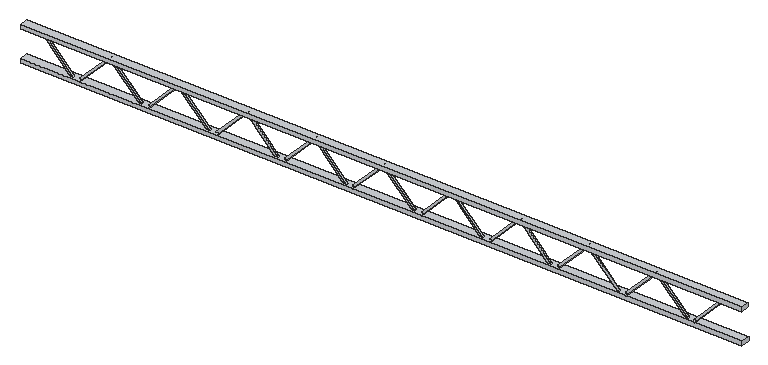
Revit family "M_TJL Caibro de teia aberta de madeira", category Quadro estrutural, Revit 2019
Family settings
  Arredondamento do comprimento do framing estrutural = 1 mm
  Forma do corte = Não definido
  Material para o comportamento do modelo = Madeira
  Exportar sempre como geometria = Sim
  Sempre na vertical = Sim
  Corte com vazios quando carregada = Não
  Representação simbólica = Da família
  Compartilhado = Não
  Exibir o pré-corte da família na vista da planta = Sim
Parameters (values of type "356mm")
  Espessura da teia = 25 mm
  Material de renderização da teia = none
  Perna da teia = 25 mm
  Material estrutural = none
  Deslocamento inicial [instance] = 0 mm
  Extensão inicial do cordão superior [instance] = 0 mm
  ComprimentoMatrizPainel [instance] = Length - (2 * Painel final)  # 7100 mm
  Linear = 356 mm
  LarguraPainel [instance] = ComprimentoMatrizPainel / NumMatrizPainel  # 710 mm
  NumMatrizPainel [instance] = ComprimentoMatrizPainel / (2 * Linear)  # 10
  Comprimento do deslocamento 2 [instance] = Painel final - Deslocamento final + Extensão final do cordão inferior  # 200 mm
  Comprimento do deslocamento 1 [instance] = Painel final - Deslocamento inicial + Extensão inicial do cordão inferior  # 200 mm
  Painel final [instance] = 200 mm
  Deslocamento final [instance] = 0 mm
  Extensão final do cordão superior [instance] = 0 mm
  Largura da corda = 90 mm
  Profundidade da corda = 40 mm
  Extensão inicial do cordão inferior [instance] = 0 mm
  Extensão final do cordão inferior [instance] = 0 mm
  Assembly Code = ""
  Length [instance] = 7500 mm
Reference planes
  plane 1 "Centro (Frente/Trás)": y = 0
  plane 2: z = 0
  plane 3 "Centro (Esquerda/Direita)": x = 525.246
  plane 4 "Membro esquerdo": x = -2324.754
  plane 5 "Membro direito": x = 3560.61
  plane 6: y = 45
  plane 7: y = -45
  plane 8: z = 178
  plane 9: z = -178
  plane 10 "Esquerda": x = -3224.754
  plane 11 "Símbolo esquerdo de verga": x = -24.754
  plane 12 "Símbolo direito de verga": x = 1220.61
  plane 13 "Direita": x = 4275.246
  plane 14: x = -3024.754
  plane 15: x = 4075.246
  plane 16: y = 12.5
  plane 17: y = -12.5
  plane 18: z = 138
  plane 19: z = -138
  plane 20: z = -171.65
  plane 21: z = 171.65
  plane 22: x = -3224.754
  plane 23: x = 4275.246
  plane 24: x = -3224.754
  plane 25: x = 4275.246
  plane 26: x = 3365.246
  plane 27: x = -3224.754
  plane 28: x = 4275.246
Forms (mm)
  Extrusion 1, solid, material <- "Material estrutural", detail levels medium+fine
    sketch origin (525.246, 0, 0) x (0, 1, 0) y (0, 0, 1)
      loop
        line (45, 178) -> (-45, 178) -> (-45, 138) -> (45, 138) -> (45, 178)
    from -3750 to 3750
  Extrusion 2, solid, material <- "Material estrutural", detail levels medium+fine
    sketch origin (525.246, 0, 0) x (0, 1, 0) y (0, 0, 1)
      loop
        line (45, -138) -> (-45, -138) -> (-45, -178) -> (45, -178) -> (45, -138)
    from -3750 to 3750
Lines and regions (mm)
  symbolic lines, style "StructuralFraming", detail levels coarse
    curve 1: line (0, 45, 178) -> (0, -45, 178)
    curve 2: line (0, -45, -178) -> (0, 45, -178)
    curve 14: line (0, 45, -178) -> (0, 45, -138)
    curve 15: line (0, -45, -178) -> (0, -45, -138)
    curve 16: line (0, -45, -138) -> (0, 45, -138)
    curve 17: line (0, 45, 138) -> (0, 45, 178)
    curve 18: line (0, -45, 138) -> (0, -45, 178)
    curve 19: line (0, -45, 138) -> (0, 45, 138)
    curve 20: line (525.246, 0, -138) -> (525.246, 0, 138)
  symbolic lines, style "StructuralFraming", detail levels medium
    curve 3: line (0, 0, -138) -> (0, 0, 138)
  reference lines
    curve 4: line (-24.754, 0, -301.508) -> (-24.754, 0, 257.692)
    curve 5: line (175.246, 0, -307.858) -> (175.246, 0, 257.692)
    curve 6: line (1220.61, 0, -248.588) -> (1220.61, 0, 259.812)
    curve 7: line (1020.61, 0, -375.588) -> (1020.61, 0, 259.812)
  model lines, style "Viga mestra da travessa", detail levels coarse
    curve 8: line (1020.61, 0, -178) -> (175.246, 0, -178)
    curve 9: line (1220.61, 0, 178) -> (-24.754, 0, 178)
  model lines, style "Caibro da teia", detail levels coarse
    curve 10: line (175.246, 0, -178) -> (-24.754, 0, 178)
    curve 11: line (1020.61, 0, -178) -> (1220.61, 0, 178)
  symbolic lines, detail levels fine
    curve 12: line (525.246, 12.5, -138) -> (525.246, 12.5, 138)
    curve 13: line (525.246, -12.5, -138) -> (525.246, -12.5, 138)
  symbolic lines, detail levels medium
    curve 21: line (525.246, 0, 138) -> (525.246, 0, -138)
Dimensions and locks
  equal spacing: plane 9, plane 2, plane 8
  "Length": plane 10 "Esquerda" to plane 13 "Direita"
  equal spacing: plane 10 "Esquerda", plane 3 "Centro (Esquerda/Direita)", plane 13 "Direita"
  "Extensão inicial do cordão superior": curve 4 to plane 11 "Símbolo esquerdo de verga"
  "Painel final": curve 5 to curve 4
  "Extensão final do cordão superior": curve 6 to plane 12 "Símbolo direito de verga"
  "Painel final": curve 6 to curve 7
  "Linear": plane 9 to plane 8
  "Painel final": plane 10 "Esquerda" to plane 14
  "Painel final": plane 13 "Direita" to plane 15
  "Espessura da teia": plane 16 to plane 17
  equal spacing: plane 16, plane 1 "Centro (Frente/Trás)", plane 17
  locked: plane 20 to plane 9 at 6.35
  locked: plane 8 to plane 21 at 6.35
  "Deslocamento inicial": plane 10 "Esquerda" to plane 24
  "Extensão inicial do cordão superior": plane 22 to plane 24
  "Deslocamento final": plane 25 to plane 13 "Direita"
  "Extensão final do cordão superior": plane 25 to plane 23
  "LarguraPainel": plane 15 to plane 26
  equal spacing: group 1, group 3, group 4, group 5, group 6, group 7, group 8, group 9, group 10, group 2  (x3)
  "Comprimento do deslocamento 1": plane 14 to plane 27
  "Comprimento do deslocamento 2": plane 28 to plane 15
  "Profundidade da corda": plane 18 to plane 8
  "Profundidade da corda": plane 9 to plane 19
  equal spacing: plane 6, plane 1 "Centro (Frente/Trás)", plane 7
  "Largura da corda": plane 6 to plane 7
  aligned and locked: curve 8 to plane 9
  aligned and locked: curve 9 to plane 8
  aligned and locked: plane 11 "Símbolo esquerdo de verga" to curve 9
  aligned and locked: curve 5 to curve 8
  aligned and locked: curve 7 to curve 8
  aligned and locked: plane 12 "Símbolo direito de verga" to curve 9
  aligned and locked: plane 22 to Extrusion 1
  aligned and locked: Extrusion 1 to plane 23
  aligned and locked: plane 1 "Centro (Frente/Trás)" to nested 1
  aligned and locked: nested 1 to plane 14
  aligned and locked: plane 9 to nested 1
  aligned and locked: plane 26 to nested 2
  aligned and locked: plane 9 to nested 2
  aligned and locked: Extrusion 2 to plane 27
  aligned and locked: plane 28 to Extrusion 2
  aligned and locked: curve 14 to curve 16
  aligned and locked: curve 15 to curve 16
  aligned and locked: curve 16 to curve 14
  aligned and locked: curve 16 to plane 19
  aligned and locked: plane 6 to curve 14
  aligned and locked: plane 7 to curve 15
  aligned and locked: curve 15 to curve 2
  aligned and locked: curve 2 to curve 14
  aligned and locked: curve 19 to curve 17
  aligned and locked: curve 19 to plane 18
  aligned and locked: plane 6 to curve 17
  aligned and locked: plane 7 to curve 18
  aligned and locked: plane 7 to curve 1
  aligned and locked: curve 1 to curve 18
  aligned and locked: plane 19 to curve 12
  aligned and locked: plane 19 to curve 13
  aligned and locked: plane 18 to curve 12
  aligned and locked: plane 18 to curve 13
  aligned and locked: plane 2 to level
  aligned and locked: plane 8 to Extrusion 1 sketch curve
  aligned and locked: Extrusion 1 sketch curve to plane 6
  aligned and locked: Extrusion 1 sketch curve to plane 18
  aligned and locked: plane 7 to Extrusion 1 sketch curve
  aligned and locked: curve 14 to Extrusion 2 sketch curve
  aligned and locked: Extrusion 2 sketch curve to curve 16
  aligned and locked: Extrusion 2 sketch curve to curve 2
  aligned and locked: Extrusion 2 sketch curve to curve 15
  aligned and locked: plane 19 to curve 20
  aligned and locked: plane 18 to curve 20
  aligned and locked: plane 1 "Centro (Frente/Trás)" to curve 20
  aligned and locked: plane 8 to curve 1
  aligned and locked: plane 18 to curve 21
  aligned and locked: plane 19 to curve 21
  aligned and locked: curve 21 to plane 1 "Centro (Frente/Trás)"
  aligned and locked: plane 18 to curve 3
  aligned and locked: plane 19 to curve 3
Automatic sketch dimensions
  plane 9 to curve 14 = 0 mm
  plane 9 to curve 15 = 0 mm
  curve 2 to plane 7 = 0 mm
  curve 13 to plane 17 = 0 mm
  curve 3 to plane 1 "Centro (Frente/Trás)" = 0 mm
  curve 12 to plane 16 = 0 mm
  plane 9 to curve 7 = 197.588 mm
  plane 9 to curve 5 = 129.858 mm
  plane 9 to curve 4 = 123.508 mm
  plane 9 to curve 6 = 70.588 mm
  curve 5 to plane 8 = 79.692 mm
  curve 4 to plane 8 = 79.692 mm
  curve 7 to plane 8 = 81.812 mm
  curve 6 to plane 8 = 81.812 mm
Nested families
  nested 1: "Teia" at (-3024.754, 0, 0), type "Teia"
    with Deslocamento da teia 12.5 mm, Perna da teia 25 mm, Espessura 25 mm, AlturaPainel 356 mm, LarguraPainel 710 mm, Deslocamento do banzo 20 mm, Profundidade da corda 40 mm
  nested 2: "Teia" at (3365.246, 0, 0), type "Teia"
    with Deslocamento da teia 12.5 mm, Perna da teia 25 mm, Espessura 25 mm, AlturaPainel 356 mm, LarguraPainel 710 mm, Deslocamento do banzo 20 mm, Profundidade da corda 40 mm
  nested 3: "Teia" at (-2314.754, 0, 0), type "Teia"
    with Deslocamento da teia 12.5 mm, Perna da teia 25 mm, Espessura 25 mm, AlturaPainel 356 mm, LarguraPainel 710 mm, Deslocamento do banzo 20 mm, Profundidade da corda 40 mm
  nested 4: "Teia" at (-1604.754, 0, 0), type "Teia"
    with Deslocamento da teia 12.5 mm, Perna da teia 25 mm, Espessura 25 mm, AlturaPainel 356 mm, LarguraPainel 710 mm, Deslocamento do banzo 20 mm, Profundidade da corda 40 mm
  nested 5: "Teia" at (-894.754, 0, 0), type "Teia"
    with Deslocamento da teia 12.5 mm, Perna da teia 25 mm, Espessura 25 mm, AlturaPainel 356 mm, LarguraPainel 710 mm, Deslocamento do banzo 20 mm, Profundidade da corda 40 mm
  nested 6: "Teia" at (-184.754, 0, 0), type "Teia"
    with Deslocamento da teia 12.5 mm, Perna da teia 25 mm, Espessura 25 mm, AlturaPainel 356 mm, LarguraPainel 710 mm, Deslocamento do banzo 20 mm, Profundidade da corda 40 mm
  nested 7: "Teia" at (525.246, 0, 0), type "Teia"
    with Deslocamento da teia 12.5 mm, Perna da teia 25 mm, Espessura 25 mm, AlturaPainel 356 mm, LarguraPainel 710 mm, Deslocamento do banzo 20 mm, Profundidade da corda 40 mm
  nested 8: "Teia" at (1235.246, 0, 0), type "Teia"
    with Deslocamento da teia 12.5 mm, Perna da teia 25 mm, Espessura 25 mm, AlturaPainel 356 mm, LarguraPainel 710 mm, Deslocamento do banzo 20 mm, Profundidade da corda 40 mm
  nested 9: "Teia" at (1945.246, 0, 0), type "Teia"
    with Deslocamento da teia 12.5 mm, Perna da teia 25 mm, Espessura 25 mm, AlturaPainel 356 mm, LarguraPainel 710 mm, Deslocamento do banzo 20 mm, Profundidade da corda 40 mm
  nested 10: "Teia" at (2655.246, 0, 0), type "Teia"
    with Deslocamento da teia 12.5 mm, Perna da teia 25 mm, Espessura 25 mm, AlturaPainel 356 mm, LarguraPainel 710 mm, Deslocamento do banzo 20 mm, Profundidade da corda 40 mm
Definition of nested family "Teia"
  Parameters
    MaterialTeia = none
    Espessura da teia = Espessura / 2  # 12.502 mm
    Deslocamento da teia = Perna da teia / 2  # 25.4 mm
    Perna da teia = 50.8 mm
    Espessura = 25.003 mm
    AlturaPainel = 200.025 mm
    LarguraPainel = 371.475 mm
    Deslocamento do banzo = Profundidade da corda / 2  # 38.1 mm
    Profundidade da corda = 76.2 mm
    Assembly Code = ""
  Reference planes
    plane 1 "Centro (Frente/Trás)": y = 0
    plane 2: z = 0
    plane 3 "Centro (Esquerda/Direita)": x = 0
    plane 4: x = 371.475
    plane 5: x = 185.738
    plane 6: z = -100.013
    plane 7: z = 61.912
    plane 8: z = 100.013
    plane 9: y = -12.502
    plane 10: y = 12.502
    plane 11: z = 36.513
    plane 12: z = -36.513
    plane 13: z = -61.912
  Forms (mm)
    Sweep 1, solid, material <- "MaterialTeia", detail levels fine
      path in 3D
        loop
          line (0, 0, 61.912) -> (25.4, 0, 61.912) -> (160.338, 0, -61.912) -> (211.138, 0, -61.912)
      profile origin (12.7, 0, 61.912) x (0, 0, 1) y (0, -1, 0)
        loop
          line (25.4, 0) -> (25.4, 12.502) -> (-25.4, 12.502) -> (-25.4, 0) -> (25.4, 0)
    Sweep 2, solid, material <- "MaterialTeia", detail levels fine
      path in 3D
        loop
          line (371.475, 0, 61.912) -> (346.075, 0, 61.912) -> (211.138, 0, -61.912) -> (160.338, 0, -61.912)
      profile origin (358.775, 0, 61.912) x (0, 0, -1) y (0, -1, 0)
        loop
          line (-25.4, -12.502) -> (25.4, -12.502) -> (25.4, 0) -> (-25.4, 0) -> (-25.4, -12.502)
  Lines and regions (mm)
    model lines
      curve 1: line (0, 0, -100.013) -> (0, 0, 100.013)
      curve 2: line (0, 0, 100.013) -> (371.475, 0, 100.013)
      curve 3: line (371.475, 0, 100.013) -> (371.475, 0, -100.013)
      curve 4: line (371.475, 0, -100.013) -> (0, 0, -100.013)
    model lines, detail levels medium
      curve 5: line (160.338, 0, -61.912) -> (211.138, 0, -61.912)
      curve 6: line (0, 0, 61.912) -> (25.4, 0, 61.912)
      curve 7: line (371.475, 0, 61.912) -> (346.075, 0, 61.912)
      curve 8: line (25.4, 0, 61.912) -> (160.338, 0, -61.912)
      curve 9: line (211.138, 0, -61.912) -> (346.075, 0, 61.912)
    sketch lines
      curve 10: line (0, 0, 61.912) -> (25.4, 0, 61.912)
      curve 11: line (25.4, 0, 61.912) -> (160.338, 0, -61.912)
      curve 12: line (160.338, 0, -61.912) -> (211.138, 0, -61.912)
      curve 13: line (371.475, 0, 61.912) -> (346.075, 0, 61.912)
      curve 14: line (211.138, 0, -61.912) -> (346.075, 0, 61.912)
      curve 15: line (160.338, 0, -61.912) -> (211.138, 0, -61.912)
  Dimensions and locks
    "LarguraPainel": plane 4 to plane 3 "Centro (Esquerda/Direita)"
    equal spacing: plane 4, plane 5, plane 3 "Centro (Esquerda/Direita)"
    "Deslocamento do banzo": plane 8 to plane 7
    "AlturaPainel": plane 8 to plane 6
    equal spacing: plane 8, plane 2, plane 6
    "Espessura": plane 10 to plane 9
    equal spacing: plane 10, plane 1 "Centro (Frente/Trás)", plane 9
    locked: plane 8 to plane 11 at 63.5
    plane 12 to plane 6 = 63.5 mm
    "Deslocamento do banzo": plane 13 to plane 6
    "Deslocamento da teia": curve 6 to curve 6
    "Perna da teia": Sweep 2 sketch curve to Sweep 2 sketch curve
    equal spacing: Sweep 1 sketch curve, plane 7, Sweep 1 sketch curve
    equal spacing: Sweep 2 sketch curve, profile plane, Sweep 2 sketch curve
    "Deslocamento da teia": curve 7 to curve 3
    "Perna da teia": Sweep 1 sketch curve to Sweep 1 sketch curve
    aligned and locked: plane 8 to curve 2
    aligned and locked: plane 7 to curve 6
    aligned and locked: plane 3 "Centro (Esquerda/Direita)" to curve 6
    aligned and locked: curve 5 to plane 13
    aligned and locked: plane 9 to Sweep 1 sketch curve
    aligned and locked: plane 1 "Centro (Frente/Trás)" to Sweep 1 sketch curve
    aligned and locked: Sweep 2 sketch curve to profile plane
    aligned and locked: Sweep 2 sketch curve to plane 10
    aligned and locked: curve 7 to plane 7
    aligned and locked: curve 4 to plane 6
    aligned and locked: plane 4 to curve 3
  Automatic sketch dimensions
    curve 5 to plane 5 = 25.4 mm
    plane 5 to curve 5 = 25.4 mm
Types in the file's own list only (13): name | Linear
  406mm | 406 mm
  457mm | 457 mm
  508mm | 508 mm
  559mm | 559 mm
  610mm | 610 mm
  660mm | 660 mm
  711mm | 711 mm
  762mm | 762 mm
  813mm | 813 mm
  864mm | 864 mm
  914mm | 914 mm
  965mm | 965 mm
  1016mm | 1016 mm
